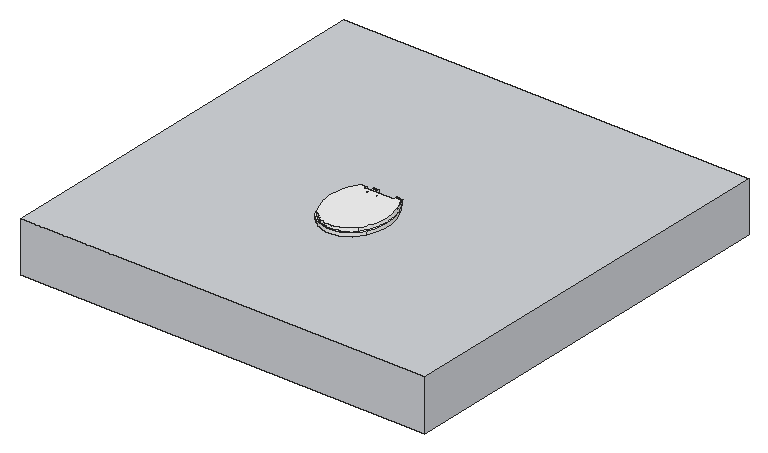
Revit family
Parameters (values of type "Plastic-White-0")
  Width = 1' - 2 3/16"
  URL = "http://www.us.kohler.com"
  Product Page URL = "http://www.us.kohler.com/onlinecatalog/detail.jsp?prod_num=4775"
  Product Documentation Link = "http://www.us.kohler.com/onlinecatalog/pdf/1133011_4.pdf"
  Model = "K-4775"  # constant formula
  Manufacturer = "Kohler"  # constant formula
  Length = 1' - 4 1/2"
  Height = 0' - 1 27/32"
  Finish = Plastic-Kohler-0-White
  Description = "Brevia(tm) Round Toilet Seat with Q2 Advantage(tm)"  # constant formula
  Default Elevation = 0' - 0"
  Created By = "http://medialab3dstudio.com/"
  Assembly Code = "C1030200"
  ADA Compliant = no
Reference planes (in)
  plane 1 "Pivot Center": y = 0
  plane 2 "Bottom": z = 0
  plane 3 "Center (Left/Right)": x = 0
  plane 4 "Left": x = -7.09375
  plane 5 "Right": x = 7.09375
  plane 6 "Front": y = -16.5
  plane 7 "Top": z = 1.84375
  plane 8: z = 0.95237
  plane 9: z = 0.75688
  plane 10: z = 1.45127
  plane 11: z = 1.94195
  plane 12: y = -3.12931
  plane 13 "Back": y = 1.08495
  plane 14: y = -0.57214
  plane 15: x = -7.26472
  plane 16: y = -3.80313
  plane 17: x = -6.24179
  plane 18: x = -4.70871
  plane 19: x = -4.33174
  plane 20: y = -0.7054
  plane 21: x = -3.42708
  plane 22: y = -1.52498
  plane 23: y = -0.8087
  plane 24: x = 7.26472
  plane 25: x = 6.24179
  plane 26: x = 4.70871
  plane 27: x = 4.33174
  plane 28: x = 3.42708
  plane 29: y = 0.90205
  plane 30: z = 0.38716
  plane 31: y = 1.02392
  plane 32: z = 0.57112
  plane 33: y = 1.06639
  plane 34: y = 0.80927
  plane 35: z = 0.60129
  plane 36: y = -0.10557
  plane 37: z = 0.61726
  plane 38: z = 0.66991
  plane 39: y = -0.48018
  plane 40: y = -0.74537
  plane 41: z = 0.79356
  plane 42: y = -0.88092
  plane 43: z = 0.78646
  plane 44: y = -1.18866
  plane 45: z = 0.70973
  plane 46: x = -3.42685
  plane 47: x = -2.118
  plane 48: x = 2.07618
  plane 49: x = 3.42897
  plane 50: y = -1.10177
  plane 51: z = 0.91266
  plane 52: y = -1.08882
  plane 53: y = -1.46035
  plane 54: y = -0.90034
  plane 55: y = -0.93753
  plane 56: x = -4.6391
  plane 57: y = -1.21492
  plane 58: x = -4.97959
  plane 59: y = -13.83988
  plane 60: x = 4.6391
  plane 61: x = 4.97959
Forms (in)
  Extrusion 1, solid
    sketch origin (0, 0, 0) x (1, 0, 0) y (0, 1, 0)
      loop
        line (-48, 48) -> (-48, -48) -> (48, -48) -> (48, 48) -> (-48, 48)
    from 0 to -12
  Blend 2, solid, material "Plastic-Kohler-0-White" <- "Finish"
    base sketch origin (0, 0, 0) x (1, 0, 0) y (0, 1, 0)
      loop
        arc (-3.42685, -0.90034) -> (-4.03437, -0.87355) -> (-4.6391, -0.93753) r 4.07176
        line (-4.6391, -0.93753) -> (-4.97959, -1.21492)
        arc (-4.97959, -1.21492) -> (-6.91514, -7.5274) -> (-4.97959, -13.83988) r 11.26133
        arc (-4.97959, -13.83988) -> (0.00967, -16.2417) -> (4.99162, -13.82476) r 6.36291
        arc (4.99162, -13.82476) -> (6.91714, -7.52075) -> (4.9845, -1.21892) r 11.26133
        line (4.9845, -1.21892) -> (4.6391, -0.93753)
        arc (4.6391, -0.93753) -> (4.03543, -0.87358) -> (3.42897, -0.90008) r 4.07176
        line (3.42897, -0.90008) -> (3.42897, -1.46035) -> (-3.42685, -1.46035) -> (-3.42685, -0.90034)
    top sketch origin (0, 0, 0) x (1, 0, 0) y (0, 1, 0)
      loop
        arc (-3.46502, -0.99141) -> (-4.01251, -0.97726) -> (-4.55677, -1.0382) r 3.9912
        line (-4.55677, -1.0382) -> (-4.89053, -1.3101)
        arc (-4.89053, -1.3101) -> (-6.78778, -7.49769) -> (-4.89053, -13.68527) r 11.03852
        arc (-4.89053, -13.68527) -> (0.00001, -16.03957) -> (4.88339, -13.67045) r 6.23702
        arc (4.88339, -13.67045) -> (6.77082, -7.49117) -> (4.87641, -1.31402) r 11.03852
        line (4.87641, -1.31402) -> (4.53785, -1.0382)
        arc (4.53785, -1.0382) -> (4.00206, -0.97763) -> (3.46299, -0.98984) r 3.9912
        line (3.46299, -0.98984) -> (3.46299, -1.55068) -> (-3.46502, -1.55068) -> (-3.46502, -0.99141)
    from 0.95237 to 1.84375
  Extrusion 3, void
    sketch origin (0, 0, 0) x (0, 1, 0) y (0, 0, 1)
      loop
        line (0, 1.84375) -> (0, 1.94195) -> (-16.5, 1.94195) -> (-16.5, 1.49616) -> (0, 1.84375)
    from -7.09375 to 7.09375
  Extrusion 4, solid, material "Plastic-Kohler-0-White" <- "Finish"
    sketch origin (0, 0, 0) x (1, 0, 0) y (0, 1, 0)
      loop
        line (5.99334, -3.12931) -> (-5.99334, -3.12931)
        arc (-5.99334, -3.12931) -> (-7.09473, -7.9371) -> (-5.99334, -12.74488) r 11.04414
        arc (-5.99334, -12.74488) -> (0.02314, -16.50241) -> (6.01339, -12.7032) r 6.65852
        arc (6.01339, -12.7032) -> (7.09471, -7.91397) -> (5.99334, -3.12931) r 11.04414
    from 0 to 0.75688
  Extrusion 5, solid, material "Plastic-Kohler-0-White" <- "Finish"
    sketch origin (0, 0, 0) x (0, 1, 0) y (0, 0, 1)
      loop
        arc (-3.12931, 0) -> (-1.90992, 0.16053) -> (-0.76113, 0.59982) r 5.26053
        arc (-0.76113, 0.59982) -> (-0.77843, 0.90812) -> (-0.83848, 1.21102) r 2.21366
        arc (-0.83848, 1.21102) -> (-0.90732, 1.27901) -> (-1.00063, 1.30464) r 0.19141
        arc (-1.00063, 1.30464) -> (-1.11085, 1.30591) -> (-1.21917, 1.28552) r 0.55893
        arc (-1.21917, 1.28552) -> (-1.64538, 1.16483) -> (-2.05554, 0.99753) r 3.98137
        arc (-2.05554, 0.99753) -> (-2.57898, 0.81724) -> (-3.12931, 0.75688) r 2.49387
        line (-3.12931, 0.75688) -> (-3.12931, 0)
    from -7.09375 to 7.09375
  Extrusion 6, void
    sketch origin (0, 0, 0) x (1, 0, 0) y (0, 1, 0)
      loop
        arc (-6.24179, -3.80313) -> (-5.58957, -2.24746) -> (-4.70898, -0.8087) r 11.09088
        arc (-4.70898, -0.8087) -> (-4.52731, -0.73169) -> (-4.33174, -0.7054) r 0.74043
        line (-4.33174, -0.7054) -> (-3.42708, -0.7054) -> (-3.42708, -1.52498)
        arc (-3.42708, -1.52498) -> (0.00094, -1.55068) -> (3.42897, -1.52495) r 228.5301
        line (3.42897, -1.52495) -> (3.42897, -0.7054) -> (4.33174, -0.7054)
        arc (4.33174, -0.7054) -> (4.52731, -0.73169) -> (4.70898, -0.8087) r 0.74043
        arc (4.70898, -0.8087) -> (5.58957, -2.24746) -> (6.24179, -3.80313) r 11.09088
        line (6.24179, -3.80313) -> (7.26472, -3.80313) -> (7.26472, -0.57214) -> (-7.26472, -0.57214) -> (-7.26472, -3.80313) -> (-6.24179, -3.80313)
    from 0 to 1.94195
  Extrusion 7, solid, material "Plastic-Kohler-0-White" <- "Finish"
    sketch origin (0, 0, 0) x (0, 1, 0) y (0, 0, 1)
      loop
        line (-1.18866, 0) -> (0.90205, 0)
        arc (0.90205, 0) -> (0.93061, 0.21634) -> (1.06639, 0.38716) r 0.40879
        arc (1.06639, 0.38716) -> (1.08141, 0.48751) -> (1.02392, 0.57112) r 0.13837
        line (1.02392, 0.57112) -> (0.80927, 0.60129) -> (-0.10557, 0.61726)
        arc (-0.10557, 0.61726) -> (-0.29448, 0.63213) -> (-0.48018, 0.66991) r 1.55204
        line (-0.48018, 0.66991) -> (-0.74537, 0.79356)
        arc (-0.74537, 0.79356) -> (-0.81343, 0.79542) -> (-0.88092, 0.78646) r 0.42827
        line (-0.88092, 0.78646) -> (-1.18866, 0.70973) -> (-1.18866, 0)
    from -3.42685 to -2.118
  Extrusion 8, solid, material "Plastic-Kohler-0-White" <- "Finish"
    sketch origin (0, 0, 0) x (0, 1, 0) y (0, 0, 1)
      loop
        line (-1.18866, 0) -> (0.90205, 0)
        arc (0.90205, 0) -> (0.93061, 0.21634) -> (1.06639, 0.38716) r 0.40879
        arc (1.06639, 0.38716) -> (1.08141, 0.48751) -> (1.02392, 0.57112) r 0.13837
        line (1.02392, 0.57112) -> (0.80927, 0.60129) -> (-0.10557, 0.61726)
        arc (-0.10557, 0.61726) -> (-0.29448, 0.63213) -> (-0.48018, 0.66991) r 1.55204
        line (-0.48018, 0.66991) -> (-0.74537, 0.79356)
        arc (-0.74537, 0.79356) -> (-0.81343, 0.79542) -> (-0.88092, 0.78646) r 0.42827
        line (-0.88092, 0.78646) -> (-1.18866, 0.70973) -> (-1.18866, 0)
    from 2.07618 to 3.42897
  Extrusion 9, solid, material "Plastic-Kohler-0-White" <- "Finish"
    sketch origin (0, 0, 0) x (0, 1, 0) y (0, 0, 1)
      loop
        arc (-0.91311, 0.91266) -> (-0.96837, 1.04607) -> (-1.10177, 1.10133) r 0.18866
        arc (-1.10177, 1.10133) -> (-1.23518, 1.04607) -> (-1.29044, 0.91266) r 0.18866
        arc (-1.29044, 0.91266) -> (-1.23518, 0.77926) -> (-1.10177, 0.724) r 0.18866
        arc (-1.10177, 0.724) -> (-0.96837, 0.77926) -> (-0.91311, 0.91266) r 0.18866
    from -3.42685 to 3.42897
Cuts and joins
  Extrusion 3 cuts Blend 2
  Extrusion 6 cuts Extrusion 5
  joined: Blend 2, Extrusion 4, Extrusion 5, Extrusion 9
Lines and regions (in)
  Masking region 1, detail levels coarse
    outline origin (0, 0, 0) x (1, 0, 0) y (0, 0, 1)
      loop
        line (-7.09375, 1.84375) -> (-7.09375, 0) -> (7.09375, 0) -> (7.09375, 1.84375) -> (-7.09375, 1.84375)
  Masking region 2, detail levels medium+fine
    outline origin (0, 0, 0) x (1, 0, 0) y (0, 0, 1)
      loop
        line (-7.09725, 0) -> (7.09375, 0) -> (7.09375, 0.75688) -> (5.99334, 0.75688)
        spline (5.99334, 0.75688) -> (5.95799, 0.75827) -> (5.9221, 0.7624) -> (5.88572, 0.76927) -> (5.84887, 0.77887) -> (5.81159, 0.79119) -> (5.77391, 0.80622) -> (5.73587, 0.82395) -> (5.69751, 0.84436) -> (5.65885, 0.86743) -> (5.61995, 0.89314) -> (5.58083, 0.92146) -> (5.54154, 0.95237)
        line (5.54154, 0.95237) -> (6.969, 0.95237) -> (6.78991, 1.67443)
        spline (6.78991, 1.67443) -> (6.77463, 1.68674) -> (6.72883, 1.69901) -> (6.65262, 1.71123) -> (6.54621, 1.72335) -> (6.40986, 1.73534) -> (6.24392, 1.74718) -> (6.04881, 1.75884) -> (5.82502, 1.77028) -> (5.57314, 1.78148) -> (5.2938, 1.7924) -> (4.9877, 1.80302) -> (4.65564, 1.81332)
        line (4.65564, 1.81332) -> (3.98786, 1.81693) -> (-3.98786, 1.81693) -> (-4.65564, 1.81332)
        spline (-4.65564, 1.81332) -> (-4.97852, 1.80332) -> (-5.27691, 1.79302) -> (-5.55012, 1.78243) -> (-5.79748, 1.77158) -> (-6.01839, 1.7605) -> (-6.21233, 1.74921) -> (-6.37883, 1.73774) -> (-6.51749, 1.72612) -> (-6.62798, 1.71437) -> (-6.71003, 1.70253) -> (-6.76344, 1.69062) -> (-6.78809, 1.67867)
      loop
        line (-6.79111, 1.67943) -> (-6.969, 0.95237) -> (-5.5433, 0.95237)
        spline (-5.5433, 0.95237) -> (-5.58335, 0.92174) -> (-5.62306, 0.89364) -> (-5.66238, 0.86811) -> (-5.7013, 0.84517) -> (-5.73976, 0.82484) -> (-5.77773, 0.80713) -> (-5.81518, 0.79208) -> (-5.85207, 0.77968) -> (-5.88836, 0.76995) -> (-5.92403, 0.76291) -> (-5.95903, 0.75855) -> (-5.99334, 0.75688)
        line (-5.99334, 0.75688) -> (-7.09375, 0.75688) -> (-7.09375, 0)
  Masking region 3, detail levels coarse
    outline origin (0, 0, 0) x (0, 1, 0) y (0, 0, 1)
      loop
        line (1.08495, 1.84375) -> (-16.5, 1.84375) -> (-16.5, 0) -> (1.08495, 0) -> (1.08495, 1.84375)
  Masking region 4, detail levels medium+fine
    outline origin (0, 0, 0) x (0, 1, 0) y (0, 0, 1)
      loop
        line (-16.12565, 1.45901) -> (-16.29234, 0.95237) -> (-2.15647, 0.95237)
        arc (-2.15647, 0.95237) -> (-2.63307, 0.80575) -> (-3.12931, 0.75688) r 2.49387
        line (-3.12931, 0.75688) -> (-16.5, 0.75688) -> (-16.5, 0) -> (-3.12931, 0)
        arc (-3.12931, 0) -> (-2.13999, 0.10772) -> (-1.18866, 0.39984) r 5.26053
        line (-1.18866, 0.39984) -> (-1.18866, 0) -> (0.90205, 0)
        arc (0.90205, 0) -> (0.93061, 0.21634) -> (1.06639, 0.38716) r 0.40879
        arc (1.06639, 0.38716) -> (1.08141, 0.48751) -> (1.02392, 0.57112) r 0.13837
        line (1.02392, 0.57112) -> (0.80927, 0.60129) -> (-0.10557, 0.61726)
        arc (-0.10557, 0.61726) -> (-0.29448, 0.63213) -> (-0.48018, 0.66991) r 1.55204
        line (-0.48018, 0.66991) -> (-0.76775, 0.804)
        arc (-0.76775, 0.804) -> (-0.7936, 1.00916) -> (-0.83848, 1.21102) r 2.21366
        arc (-0.83848, 1.21102) -> (-0.90732, 1.27901) -> (-1.00063, 1.30464) r 0.19141
        arc (-1.00063, 1.30464) -> (-1.07752, 1.30782) -> (-1.15412, 1.30041) r 0.55893
        line (-1.15412, 1.30041) -> (-1.31872, 1.81693) -> (-16.12565, 1.45901)
  Masking region 5, detail levels coarse
    outline origin (0, 0, 0) x (1, 0, 0) y (0, 1, 0)
      loop
        line (-7.09375, 1.08495) -> (-7.09375, -16.5) -> (7.09375, -16.5) -> (7.09375, 1.08495) -> (-7.09375, 1.08495)
  Masking region 6, detail levels medium+fine
    outline origin (0, 0, 0) x (1, 0, 0) y (0, 1, 0)
      loop
        line (-2.118, -0.91172) -> (-2.118, 1.08495) -> (-3.42685, 1.08495) -> (-3.42685, -0.76113) -> (-4.61357, -0.76113)
        arc (-4.61357, -0.76113) -> (-4.66213, -0.78319) -> (-4.70898, -0.8087) r 0.74043
        arc (-4.70898, -0.8087) -> (-5.42078, -1.93047) -> (-5.99334, -3.12931) r 11.09088
        arc (-5.99334, -3.12931) -> (-7.09473, -7.9371) -> (-5.99334, -12.74488) r 11.04414
        arc (-5.99334, -12.74488) -> (0.02314, -16.50241) -> (6.01339, -12.7032) r 6.65852
        arc (6.01339, -12.7032) -> (7.09471, -7.91397) -> (5.99334, -3.12931) r 11.04414
        arc (5.99334, -3.12931) -> (5.42078, -1.93047) -> (4.70898, -0.8087) r 11.09088
        arc (4.70898, -0.8087) -> (4.66213, -0.78319) -> (4.61357, -0.76113) r 0.74043
        line (4.61357, -0.76113) -> (3.42897, -0.76113) -> (3.42897, 1.08495) -> (2.07618, 1.08495) -> (2.07618, -0.91172) -> (-2.118, -0.91172)
  symbolic lines, style "Masking Lines", detail levels fine
    curve 1: line (-6.969, -16.5, 0.95237) -> (6.969, -16.5, 0.95237)
    curve 2: line (7.10753, -16.5, 0.75688) -> (-7.09375, -16.5, 0.75688)
    curve 3: spline (-5.0348, -16.5, 1.53382) -> (-5.3092, -16.5, 1.54345) -> (-5.5617, -16.5, 1.55333) -> (-5.79176, -16.5, 1.56343) -> (-5.99891, -16.5, 1.57374) -> (-6.18272, -16.5, 1.58423) -> (-6.3428, -16.5, 1.59488) -> (-6.47882, -16.5, 1.60566) -> (-6.5905, -16.5, 1.61656) -> (-6.6776, -16.5, 1.62756) -> (-6.73995, -16.5, 1.63862) -> (-6.77741, -16.5, 1.64973) -> (-6.78991, -16.5, 1.66086)
    curve 4: spline (-2.30032, -16.5, 1.47161) -> (-2.56877, -16.5, 1.47598) -> (-2.83059, -16.5, 1.48051) -> (-3.08555, -16.5, 1.4852) -> (-3.3334, -16.5, 1.49004) -> (-3.57392, -16.5, 1.49504) -> (-3.8069, -16.5, 1.50018) -> (-4.03212, -16.5, 1.50546) -> (-4.24936, -16.5, 1.51088) -> (-4.45844, -16.5, 1.51643) -> (-4.65917, -16.5, 1.52211) -> (-4.85134, -16.5, 1.5279) -> (-5.0348, -16.5, 1.53382)
    curve 5: spline (2.30894, -16.5, 1.47171) -> (1.95402, -16.5, 1.46783) -> (1.58341, -16.5, 1.4646) -> (1.2001, -16.5, 1.46206) -> (0.80715, -16.5, 1.46023) -> (0.40772, -16.5, 1.45913) -> (0.00502, -16.5, 1.45875) -> (-0.39772, -16.5, 1.45911) -> (-0.79727, -16.5, 1.4602) -> (-1.19042, -16.5, 1.46201) -> (-1.57402, -16.5, 1.46453) -> (-1.94498, -16.5, 1.46774) -> (-2.30032, -16.5, 1.47161)
    curve 6: spline (5.03298, -16.5, 1.53373) -> (4.85009, -16.5, 1.52784) -> (4.65854, -16.5, 1.52206) -> (4.45851, -16.5, 1.5164) -> (4.25017, -16.5, 1.51087) -> (4.03373, -16.5, 1.50547) -> (3.80937, -16.5, 1.50021) -> (3.5773, -16.5, 1.49508) -> (3.33774, -16.5, 1.4901) -> (3.09089, -16.5, 1.48527) -> (2.83699, -16.5, 1.48059) -> (2.57626, -16.5, 1.47607) -> (2.30894, -16.5, 1.47171)
    curve 7: spline (6.78991, -16.5, 1.66084) -> (6.7774, -16.5, 1.6497) -> (6.7399, -16.5, 1.63858) -> (6.67749, -16.5, 1.62752) -> (6.59029, -16.5, 1.61652) -> (6.47849, -16.5, 1.60561) -> (6.34233, -16.5, 1.59482) -> (6.18208, -16.5, 1.58417) -> (5.99808, -16.5, 1.57367) -> (5.79071, -16.5, 1.56336) -> (5.56041, -16.5, 1.55325) -> (5.30766, -16.5, 1.54337) -> (5.03298, -16.5, 1.53373)
    curve 8: arc (0, -1.18866, 0.39984) -> (0, -0.97265, 0.49503) -> (0, -0.76113, 0.59982) r 5.26053
    curve 9: arc (0, -1.15385, 1.29957) -> (0, -1.66228, 1.15896) -> (0, -2.14767, 0.95237) r 3.98137
    curve 10: spline (5.54154, 1.08495, 0.95237) -> (5.53716, 1.08495, 0.95596) -> (5.53279, 1.08495, 0.95958) -> (5.52841, 1.08495, 0.96324) -> (5.52403, 1.08495, 0.96692) -> (5.51965, 1.08495, 0.97064) -> (5.51527, 1.08495, 0.97439) -> (5.51089, 1.08495, 0.97817) -> (5.5065, 1.08495, 0.98198) -> (5.50212, 1.08495, 0.98582) -> (5.49773, 1.08495, 0.98969) -> (5.49334, 1.08495, 0.9936) -> (5.48895, 1.08495, 0.99753)
    curve 11: spline (5.48895, 1.08495, 0.99753) -> (5.45144, 1.08495, 1.02938) -> (5.41317, 1.08495, 1.05982) -> (5.37414, 1.08495, 1.08887) -> (5.33438, 1.08495, 1.1165) -> (5.2939, 1.08495, 1.1427) -> (5.25271, 1.08495, 1.16747) -> (5.21083, 1.08495, 1.1908) -> (5.16826, 1.08495, 1.21267) -> (5.12504, 1.08495, 1.23309) -> (5.08117, 1.08495, 1.25204) -> (5.03666, 1.08495, 1.26952) -> (4.99154, 1.08495, 1.28552)
    curve 12: spline (4.99154, 1.08495, 1.28552) -> (4.9796, 1.08495, 1.29043) -> (4.96757, 1.08495, 1.29474) -> (4.95547, 1.08495, 1.29846) -> (4.94329, 1.08495, 1.30157) -> (4.93105, 1.08495, 1.30408) -> (4.91876, 1.08495, 1.30598) -> (4.90643, 1.08495, 1.30728) -> (4.89407, 1.08495, 1.30797) -> (4.88169, 1.08495, 1.30805) -> (4.86929, 1.08495, 1.30752) -> (4.85688, 1.08495, 1.30638) -> (4.84449, 1.08495, 1.30464)
    curve 13: spline (4.84449, 1.08495, 1.30464) -> (4.83307, 1.08495, 1.30411) -> (4.82179, 1.08495, 1.30216) -> (4.81073, 1.08495, 1.29881) -> (4.79995, 1.08495, 1.29407) -> (4.7895, 1.08495, 1.28797) -> (4.77944, 1.08495, 1.28054) -> (4.76984, 1.08495, 1.27184) -> (4.76074, 1.08495, 1.26189) -> (4.7522, 1.08495, 1.25078) -> (4.74427, 1.08495, 1.23854) -> (4.73699, 1.08495, 1.22527) -> (4.7304, 1.08495, 1.21102)
    curve 14: spline (4.7304, 1.08495, 1.21102) -> (4.72843, 1.08495, 1.20084) -> (4.7265, 1.08495, 1.19063) -> (4.7246, 1.08495, 1.18041) -> (4.72273, 1.08495, 1.17017) -> (4.72089, 1.08495, 1.15992) -> (4.71909, 1.08495, 1.14964) -> (4.71732, 1.08495, 1.13935) -> (4.71558, 1.08495, 1.12904) -> (4.71388, 1.08495, 1.11872) -> (4.71221, 1.08495, 1.10837) -> (4.71058, 1.08495, 1.09802) -> (4.70898, 1.08495, 1.08764)
    curve 15: line (4.70898, 1.08495, 1.08764) -> (4.70898, 1.08495, 0.57586)
    curve 16: spline (4.70898, 1.08495, 0.57586) -> (4.83233, 1.08495, 0.49027) -> (4.95325, 1.08495, 0.4112) -> (5.07157, 1.08495, 0.33878) -> (5.18712, 1.08495, 0.2731) -> (5.29975, 1.08495, 0.21424) -> (5.4093, 1.08495, 0.1623) -> (5.51563, 1.08495, 0.11734) -> (5.61857, 1.08495, 0.07942) -> (5.718, 1.08495, 0.0486) -> (5.81378, 1.08495, 0.02492) -> (5.90577, 1.08495, 0.00841) -> (5.99384, 1.08495, -0.0009)
    curve 17: spline (4.61357, 1.08495, 0.59982) -> (4.62182, 1.08495, 0.59801) -> (4.63002, 1.08495, 0.59616) -> (4.63816, 1.08495, 0.59426) -> (4.64626, 1.08495, 0.59231) -> (4.6543, 1.08495, 0.59033) -> (4.66229, 1.08495, 0.5883) -> (4.67022, 1.08495, 0.58622) -> (4.67809, 1.08495, 0.58411) -> (4.68591, 1.08495, 0.58195) -> (4.69366, 1.08495, 0.57974) -> (4.70135, 1.08495, 0.5775) -> (4.70898, 1.08495, 0.57521)
    curve 18: line (4.61357, 1.08495, 0.59982) -> (3.42897, 1.08495, 0.59982)
    curve 19: line (3.42897, 1.08495, 0) -> (3.42897, 1.08495, 0.79356)
    curve 20: line (3.42897, 1.08495, 0.27383) -> (3.42897, 1.08495, 1.30464)
    curve 21: line (3.42897, 1.08495, 1.30464) -> (4.84449, 1.08495, 1.30464)
    curve 22: line (-3.42708, 1.08495, 1.10088) -> (3.42897, 1.08495, 1.10088)
    curve 23: line (2.07618, 1.08495, 0.79356) -> (3.42897, 1.08495, 0.79356)
    curve 24: line (2.07618, 1.08495, 0.79356) -> (2.07618, 1.08495, 0)
    curve 25: line (2.07618, 1.08495, 0.38716) -> (3.42897, 1.08495, 0.38716)
    curve 26: line (2.07618, 1.08495, 0.57112) -> (3.42897, 1.08495, 0.57112)
    curve 27: line (2.07618, 1.08495, 0.60129) -> (3.42897, 1.08495, 0.60129)
    curve 28: line (2.07618, 1.08495, 0.66991) -> (3.42897, 1.08495, 0.66991)
    curve 29: spline (-2.118, 1.08495, 0.26848) -> (-1.76849, 1.08495, 0.26748) -> (-1.41898, 1.08495, 0.26666) -> (-1.06947, 1.08495, 0.26602) -> (-0.71995, 1.08495, 0.26557) -> (-0.37043, 1.08495, 0.26529) -> (-0.02091, 1.08495, 0.26518) -> (0.32861, 1.08495, 0.26526) -> (0.67813, 1.08495, 0.26552) -> (1.02764, 1.08495, 0.26596) -> (1.37716, 1.08495, 0.26658) -> (1.72667, 1.08495, 0.26738) -> (2.07618, 1.08495, 0.26835)
    curve 30: line (2.07618, 1.08495, 0.75688) -> (-3.42708, 1.08495, 0.75688)
    curve 31: line (-3.42708, 1.08495, 0.38716) -> (-2.118, 1.08495, 0.38716)
    curve 32: line (-3.42708, 1.08495, 0.57112) -> (-2.118, 1.08495, 0.57112)
    curve 33: line (-3.42708, 1.08495, 0.60129) -> (-2.118, 1.08495, 0.60129)
    curve 34: line (-3.42708, 1.08495, 0.66991) -> (-2.118, 1.08495, 0.66991)
    curve 35: line (-3.42708, 1.08495, 0.79356) -> (-2.118, 1.08495, 0.79356)
    curve 36: line (-2.118, 1.08495, 0) -> (-2.118, 1.08495, 0.79356)
    curve 37: line (-3.42708, 1.08495, 1.30464) -> (-3.42708, 1.08495, 0)
    curve 38: line (-4.84449, 1.08495, 1.30464) -> (-3.42708, 1.08495, 1.30464)
    curve 39: line (-3.42708, 1.08495, 0.59982) -> (-4.61357, 1.08495, 0.59982)
    curve 40: spline (-4.71059, 1.08495, 0.57473) -> (-4.70284, 1.08495, 0.57706) -> (-4.69502, 1.08495, 0.57934) -> (-4.68714, 1.08495, 0.58159) -> (-4.6792, 1.08495, 0.58379) -> (-4.6712, 1.08495, 0.58595) -> (-4.66313, 1.08495, 0.58806) -> (-4.65501, 1.08495, 0.59013) -> (-4.64683, 1.08495, 0.59216) -> (-4.63859, 1.08495, 0.59414) -> (-4.6303, 1.08495, 0.59608) -> (-4.62196, 1.08495, 0.59797) -> (-4.61357, 1.08495, 0.59982)
    curve 41: spline (-5.99382, 1.08495, -0.00092) -> (-5.90471, 1.08495, 0.00767) -> (-5.81191, 1.08495, 0.02356) -> (-5.71553, 1.08495, 0.04674) -> (-5.61571, 1.08495, 0.07717) -> (-5.51258, 1.08495, 0.11482) -> (-5.40629, 1.08495, 0.15963) -> (-5.29698, 1.08495, 0.21153) -> (-5.18481, 1.08495, 0.27047) -> (-5.06992, 1.08495, 0.33635) -> (-4.95248, 1.08495, 0.40909) -> (-4.83265, 1.08495, 0.48858) -> (-4.71059, 1.08495, 0.57473)
    curve 42: spline (-4.84449, 1.08495, 1.30464) -> (-4.85709, 1.08495, 1.30636) -> (-4.86967, 1.08495, 1.30749) -> (-4.8822, 1.08495, 1.308) -> (-4.89468, 1.08495, 1.30792) -> (-4.9071, 1.08495, 1.30722) -> (-4.91944, 1.08495, 1.30592) -> (-4.93171, 1.08495, 1.30402) -> (-4.94389, 1.08495, 1.30152) -> (-4.95598, 1.08495, 1.29841) -> (-4.96795, 1.08495, 1.29471) -> (-4.97981, 1.08495, 1.29041) -> (-4.99154, 1.08495, 1.28552)
    curve 43: spline (-4.99154, 1.08495, 1.28552) -> (-5.03702, 1.08495, 1.26935) -> (-5.08182, 1.08495, 1.25173) -> (-5.12592, 1.08495, 1.23267) -> (-5.16931, 1.08495, 1.21217) -> (-5.21197, 1.08495, 1.19025) -> (-5.25389, 1.08495, 1.16691) -> (-5.29505, 1.08495, 1.14215) -> (-5.33543, 1.08495, 1.116) -> (-5.37503, 1.08495, 1.08845) -> (-5.41382, 1.08495, 1.05951) -> (-5.4518, 1.08495, 1.0292) -> (-5.48895, 1.08495, 0.99753)
    curve 44: spline (-5.48895, 1.08495, 0.99753) -> (-5.4935, 1.08495, 0.9936) -> (-5.49804, 1.08495, 0.98969) -> (-5.50259, 1.08495, 0.98582) -> (-5.50712, 1.08495, 0.98198) -> (-5.51166, 1.08495, 0.97817) -> (-5.51619, 1.08495, 0.97439) -> (-5.52072, 1.08495, 0.97064) -> (-5.52524, 1.08495, 0.96692) -> (-5.52976, 1.08495, 0.96324) -> (-5.53428, 1.08495, 0.95958) -> (-5.53879, 1.08495, 0.95596) -> (-5.5433, 1.08495, 0.95237)
    curve 45: arc (0, -0.76113, 0.59982) -> (0, -0.76208, 0.70199) -> (0, -0.76775, 0.804) r 2.21366
    curve 46: spline (-4.89541, -1.30889, 0) -> (-5.46692, -2.2477, 0) -> (-5.94271, -3.23842, 0) -> (-6.31813, -4.27135, 0) -> (-6.5895, -5.33635, 0) -> (-6.75414, -6.42296, 0) -> (-6.81044, -7.52053, 0) -> (-6.75785, -8.61828, 0) -> (-6.59689, -9.70545, 0) -> (-6.32914, -10.77135, 0) -> (-5.95721, -11.80555, 0) -> (-5.48477, -12.79788, 0) -> (-4.91645, -13.73861, 0)
    curve 47: line (-4.55879, -1.03573, 0) -> (-4.89541, -1.30889, 0)
    curve 48: spline (-3.46413, -0.98928, 0) -> (-3.5554, -0.98164, 0) -> (-3.64682, -0.9761, 0) -> (-3.73835, -0.97265, 0) -> (-3.82993, -0.9713, 0) -> (-3.92151, -0.97204, 0) -> (-4.01306, -0.97487, 0) -> (-4.10451, -0.97981, 0) -> (-4.19583, -0.98683, 0) -> (-4.28697, -0.99594, 0) -> (-4.37787, -1.00713, 0) -> (-4.46849, -1.0204, 0) -> (-4.55879, -1.03573, 0)
    curve 49: line (-3.46363, -1.54737, 0) -> (-3.46413, -0.98928, 0)
    curve 50: line (3.46174, -1.54737, 0) -> (-3.46363, -1.54737, 0)
    curve 51: line (3.46219, -0.98775, 0) -> (3.46174, -1.54737, 0)
    curve 52: spline (4.54033, -1.03573, 0) -> (4.4514, -1.02061, 0) -> (4.36215, -1.0075, 0) -> (4.27263, -0.9964, 0) -> (4.18288, -0.98732, 0) -> (4.09295, -0.98027, 0) -> (4.00289, -0.97524, 0) -> (3.91273, -0.97224, 0) -> (3.82253, -0.97128, 0) -> (3.73233, -0.97235, 0) -> (3.64218, -0.97545, 0) -> (3.55212, -0.98059, 0) -> (3.46219, -0.98775, 0)
    curve 53: line (4.88149, -1.31247, 0) -> (4.54033, -1.03573, 0)
    curve 54: spline (4.91474, -13.72507, 0) -> (5.48044, -12.78476, 0) -> (5.95047, -11.79319, 0) -> (6.32024, -10.76005, 0) -> (6.58611, -9.69544, 0) -> (6.7455, -8.60978, 0) -> (6.79684, -7.51369, 0) -> (6.73963, -6.41789, 0) -> (6.57443, -5.33309, 0) -> (6.30285, -4.26993, 0) -> (5.92756, -3.23878, 0) -> (5.45222, -2.24973, 0) -> (4.88149, -1.31247, 0)
    curve 55: spline (-4.91645, -13.73861, 0) -> (-4.27888, -14.43115, 0) -> (-3.54461, -15.02023, 0) -> (-2.73026, -15.49251, 0) -> (-1.85427, -15.83732, 0) -> (-0.93645, -16.04685, 0) -> (0.00243, -16.11636, 0) -> (0.94111, -16.04427, 0) -> (1.85835, -15.83221, 0) -> (2.73339, -15.48499, 0) -> (3.54643, -15.01046, 0) -> (4.27908, -14.41936, 0) -> (4.91474, -13.72507, 0)
    curve 56: arc (4.99162, -13.82476, 0) -> (0.00967, -16.2417, 0) -> (-4.97959, -13.83988, 0) r 6.36291
    curve 57: arc (-4.97959, -13.83988, 0) -> (-6.91186, -7.79917, 0) -> (-5.27331, -1.67225, 0) r 11.26133
    curve 58: arc (-4.97959, -13.83988, 0) -> (-6.91186, -7.79917, 0) -> (-5.27331, -1.67225, 0) r 11.26133
    curve 59: spline (-5.4879, -2.05359, 0) -> (-5.44566, -1.98734, 0) -> (-5.40285, -1.92088, 0) -> (-5.35948, -1.85421, 0) -> (-5.31556, -1.78738, 0) -> (-5.27112, -1.72038, 0) -> (-5.22615, -1.65325, 0) -> (-5.18068, -1.586, 0) -> (-5.13471, -1.51864, 0) -> (-5.08827, -1.45121, 0) -> (-5.04136, -1.38371, 0) -> (-4.99399, -1.31617, 0) -> (-4.94618, -1.2486, 0)
    curve 60: spline (-4.94618, -1.2486, 0) -> (-4.91786, -1.22689, 0) -> (-4.88949, -1.20496, 0) -> (-4.86108, -1.18283, 0) -> (-4.83266, -1.16051, 0) -> (-4.80424, -1.13803, 0) -> (-4.77585, -1.11539, 0) -> (-4.74749, -1.09261, 0) -> (-4.7192, -1.0697, 0) -> (-4.69099, -1.04668, 0) -> (-4.66288, -1.02357, 0) -> (-4.63488, -1.00038, 0) -> (-4.60703, -0.97713, 0)
    curve 61: line (-4.60703, -0.97713, 0) -> (-3.44145, -0.93506, 0)
    curve 62: spline (-3.44145, -0.93506, 0) -> (-3.44188, -0.99027, 0) -> (-3.44207, -1.04622, 0) -> (-3.44202, -1.10232, 0) -> (-3.44173, -1.15802, 0) -> (-3.4412, -1.21275, 0) -> (-3.44043, -1.26595, 0) -> (-3.43945, -1.3171, 0) -> (-3.43824, -1.36568, 0) -> (-3.43684, -1.41119, 0) -> (-3.43525, -1.45318, 0) -> (-3.43348, -1.49121, 0) -> (-3.43156, -1.52492, 0)
    curve 63: arc (-3.43156, -1.52492, 0) -> (0.00518, -1.54737, 0) -> (3.44193, -1.52478, 0) r 262.2325
    curve 64: arc (5.20717, -1.56144, 0) -> (6.9154, -7.72502, 0) -> (4.99162, -13.82476, 0) r 11.26133
    curve 65: spline (4.94398, -1.25214, 0) -> (4.99157, -1.31826, 0) -> (5.03869, -1.38439, 0) -> (5.08534, -1.4505, 0) -> (5.1315, -1.5166, 0) -> (5.17717, -1.58265, 0) -> (5.22232, -1.64864, 0) -> (5.26695, -1.71456, 0) -> (5.31105, -1.78037, 0) -> (5.3546, -1.84608, 0) -> (5.39759, -1.91165, 0) -> (5.44001, -1.97707, 0) -> (5.48185, -2.04233, 0)
    curve 66: spline (4.59969, -0.97719, 0) -> (4.62792, -1.00081, 0) -> (4.65631, -1.02436, 0) -> (4.68483, -1.04781, 0) -> (4.71345, -1.07116, 0) -> (4.74216, -1.09438, 0) -> (4.77095, -1.11746, 0) -> (4.79978, -1.14039, 0) -> (4.82864, -1.16314, 0) -> (4.85751, -1.18571, 0) -> (4.88637, -1.20808, 0) -> (4.9152, -1.23023, 0) -> (4.94398, -1.25214, 0)
    curve 67: spline (3.44193, -0.93427, 0) -> (3.53832, -0.92445, 0) -> (3.63495, -0.91706, 0) -> (3.73176, -0.91211, 0) -> (3.82869, -0.9096, 0) -> (3.92565, -0.90953, 0) -> (4.02258, -0.9119, 0) -> (4.11941, -0.91671, 0) -> (4.21608, -0.92396, 0) -> (4.31251, -0.93364, 0) -> (4.40863, -0.94575, 0) -> (4.50438, -0.96027, 0) -> (4.59969, -0.97719, 0)
    curve 68: line (3.44193, -0.93427, 0) -> (3.44193, -1.52478, 0)
    curve 69: line (-3.42685, -1.18866, 0) -> (-2.118, -1.18866, 0)
    curve 70: line (2.07618, -1.18866, 0) -> (3.42897, -1.18866, 0)
    curve 71: line (2.07618, -0.91172, 0) -> (2.07618, -1.18866, 0)
    curve 72: line (-2.118, -1.18866, 0) -> (-2.118, -0.91172, 0)
  symbolic lines, style "Masking Lines", not visible, detail levels fine
    curve 73: spline (-4.89541, -1.30889, 0) -> (-5.46692, -2.2477, 0) -> (-5.94271, -3.23842, 0) -> (-6.31813, -4.27135, 0) -> (-6.5895, -5.33635, 0) -> (-6.75414, -6.42296, 0) -> (-6.81044, -7.52053, 0) -> (-6.75785, -8.61828, 0) -> (-6.59689, -9.70545, 0) -> (-6.32914, -10.77135, 0) -> (-5.95721, -11.80555, 0) -> (-5.48477, -12.79788, 0) -> (-4.91645, -13.73861, 0)
    curve 74: line (-4.55879, -1.03573, 0) -> (-4.89541, -1.30889, 0)
    curve 75: spline (-3.46413, -0.98928, 0) -> (-3.5554, -0.98164, 0) -> (-3.64682, -0.9761, 0) -> (-3.73835, -0.97265, 0) -> (-3.82993, -0.9713, 0) -> (-3.92151, -0.97204, 0) -> (-4.01306, -0.97487, 0) -> (-4.10451, -0.97981, 0) -> (-4.19583, -0.98683, 0) -> (-4.28697, -0.99594, 0) -> (-4.37787, -1.00713, 0) -> (-4.46849, -1.0204, 0) -> (-4.55879, -1.03573, 0)
    curve 76: line (-3.46363, -1.54737, 0) -> (-3.46413, -0.98928, 0)
    curve 77: line (3.46174, -1.54737, 0) -> (-3.46363, -1.54737, 0)
    curve 78: line (3.46219, -0.98775, 0) -> (3.46174, -1.54737, 0)
    curve 79: spline (4.54033, -1.03573, 0) -> (4.4514, -1.02061, 0) -> (4.36215, -1.0075, 0) -> (4.27263, -0.9964, 0) -> (4.18288, -0.98732, 0) -> (4.09295, -0.98027, 0) -> (4.00289, -0.97524, 0) -> (3.91273, -0.97224, 0) -> (3.82253, -0.97128, 0) -> (3.73233, -0.97235, 0) -> (3.64218, -0.97545, 0) -> (3.55212, -0.98059, 0) -> (3.46219, -0.98775, 0)
    curve 80: line (4.88149, -1.31247, 0) -> (4.54033, -1.03573, 0)
    curve 81: spline (4.91474, -13.72507, 0) -> (5.48044, -12.78476, 0) -> (5.95047, -11.79319, 0) -> (6.32024, -10.76005, 0) -> (6.58611, -9.69544, 0) -> (6.7455, -8.60978, 0) -> (6.79684, -7.51369, 0) -> (6.73963, -6.41789, 0) -> (6.57443, -5.33309, 0) -> (6.30285, -4.26993, 0) -> (5.92756, -3.23878, 0) -> (5.45222, -2.24973, 0) -> (4.88149, -1.31247, 0)
    curve 82: spline (-4.91645, -13.73861, 0) -> (-4.27888, -14.43115, 0) -> (-3.54461, -15.02023, 0) -> (-2.73026, -15.49251, 0) -> (-1.85427, -15.83732, 0) -> (-0.93645, -16.04685, 0) -> (0.00243, -16.11636, 0) -> (0.94111, -16.04427, 0) -> (1.85835, -15.83221, 0) -> (2.73339, -15.48499, 0) -> (3.54643, -15.01046, 0) -> (4.27908, -14.41936, 0) -> (4.91474, -13.72507, 0)
    curve 83: arc (4.99162, -13.82476, 0) -> (0.00967, -16.2417, 0) -> (-4.97959, -13.83988, 0) r 6.36291
    curve 84: arc (-4.97959, -13.83988, 0) -> (-6.91186, -7.79917, 0) -> (-5.27331, -1.67225, 0) r 11.26133
    curve 85: arc (-4.97959, -13.83988, 0) -> (-6.91186, -7.79917, 0) -> (-5.27331, -1.67225, 0) r 11.26133
    curve 86: spline (-5.4879, -2.05359, 0) -> (-5.44566, -1.98734, 0) -> (-5.40285, -1.92088, 0) -> (-5.35948, -1.85421, 0) -> (-5.31556, -1.78738, 0) -> (-5.27112, -1.72038, 0) -> (-5.22615, -1.65325, 0) -> (-5.18068, -1.586, 0) -> (-5.13471, -1.51864, 0) -> (-5.08827, -1.45121, 0) -> (-5.04136, -1.38371, 0) -> (-4.99399, -1.31617, 0) -> (-4.94618, -1.2486, 0)
    curve 87: spline (-4.94618, -1.2486, 0) -> (-4.91786, -1.22689, 0) -> (-4.88949, -1.20496, 0) -> (-4.86108, -1.18283, 0) -> (-4.83266, -1.16051, 0) -> (-4.80424, -1.13803, 0) -> (-4.77585, -1.11539, 0) -> (-4.74749, -1.09261, 0) -> (-4.7192, -1.0697, 0) -> (-4.69099, -1.04668, 0) -> (-4.66288, -1.02357, 0) -> (-4.63488, -1.00038, 0) -> (-4.60703, -0.97713, 0)
    curve 88: line (-4.60703, -0.97713, 0) -> (-3.44145, -0.93506, 0)
    curve 89: spline (-3.44145, -0.93506, 0) -> (-3.44188, -0.99027, 0) -> (-3.44207, -1.04622, 0) -> (-3.44202, -1.10232, 0) -> (-3.44173, -1.15802, 0) -> (-3.4412, -1.21275, 0) -> (-3.44043, -1.26595, 0) -> (-3.43945, -1.3171, 0) -> (-3.43824, -1.36568, 0) -> (-3.43684, -1.41119, 0) -> (-3.43525, -1.45318, 0) -> (-3.43348, -1.49121, 0) -> (-3.43156, -1.52492, 0)
    curve 90: arc (-3.43156, -1.52492, 0) -> (0.00518, -1.54737, 0) -> (3.44193, -1.52478, 0) r 262.2325
    curve 91: arc (5.20717, -1.56144, 0) -> (6.9154, -7.72502, 0) -> (4.99162, -13.82476, 0) r 11.26133
    curve 92: spline (4.94398, -1.25214, 0) -> (4.99157, -1.31826, 0) -> (5.03869, -1.38439, 0) -> (5.08534, -1.4505, 0) -> (5.1315, -1.5166, 0) -> (5.17717, -1.58265, 0) -> (5.22232, -1.64864, 0) -> (5.26695, -1.71456, 0) -> (5.31105, -1.78037, 0) -> (5.3546, -1.84608, 0) -> (5.39759, -1.91165, 0) -> (5.44001, -1.97707, 0) -> (5.48185, -2.04233, 0)
    curve 93: spline (4.59969, -0.97719, 0) -> (4.62792, -1.00081, 0) -> (4.65631, -1.02436, 0) -> (4.68483, -1.04781, 0) -> (4.71345, -1.07116, 0) -> (4.74216, -1.09438, 0) -> (4.77095, -1.11746, 0) -> (4.79978, -1.14039, 0) -> (4.82864, -1.16314, 0) -> (4.85751, -1.18571, 0) -> (4.88637, -1.20808, 0) -> (4.9152, -1.23023, 0) -> (4.94398, -1.25214, 0)
    curve 94: spline (3.44193, -0.93427, 0) -> (3.53832, -0.92445, 0) -> (3.63495, -0.91706, 0) -> (3.73176, -0.91211, 0) -> (3.82869, -0.9096, 0) -> (3.92565, -0.90953, 0) -> (4.02258, -0.9119, 0) -> (4.11941, -0.91671, 0) -> (4.21608, -0.92396, 0) -> (4.31251, -0.93364, 0) -> (4.40863, -0.94575, 0) -> (4.50438, -0.96027, 0) -> (4.59969, -0.97719, 0)
    curve 95: line (3.44193, -0.93427, 0) -> (3.44193, -1.52478, 0)
    curve 96: line (-3.42685, -1.18866, 0) -> (-2.118, -1.18866, 0)
    curve 97: line (2.07618, -1.18866, 0) -> (3.42897, -1.18866, 0)
    curve 98: line (2.07618, -0.91172, 0) -> (2.07618, -1.18866, 0)
    curve 99: line (-2.118, -1.18866, 0) -> (-2.118, -0.91172, 0)
Dimensions and locks (in)
  equal spacing: plane 4 "Left", plane 3 "Center (Left/Right)", plane 5 "Right"
  "Width": plane 4 "Left" to plane 5 "Right"
  "Length": plane 6 "Front" to plane 1 "Pivot Center"
  "Height": plane 7 "Top" to plane 2 "Bottom"
  plane 15 to plane 17 to plane 18 to plane 19 to plane 21 to plane 3 "Center (Left/Right)" to plane 28 to plane 27 to plane 26 to plane 25 to plane 24 = 0' - 1.02293" locked, 0' - 1.53307" locked, 0' - 0.37697" locked, 0' - 0.90466" locked, 0' - 3.42708" locked, 0' - 3.42708" locked, 0' - 0.90466" locked, 0' - 0.37697" locked, 0' - 1.53307" locked, 0' - 1.02293" locked
  plane 16 to plane 22 to plane 23 to plane 20 to plane 14 to plane 13 "Back" = 0' - 2.27816" locked, 0' - 0.71628" locked, 0' - 0.1033" locked, 0' - 0.13325" locked, 0' - 1.6571" locked
  plane 13 "Back" to plane 33 to plane 31 to plane 29 to plane 34 to plane 36 to plane 39 to plane 40 to plane 42 to plane 44 = 0' - 0.01856" locked, 0' - 0.04247" locked, 0' - 0.12187" locked, 0' - 0.09278" locked, 0' - 0.91484" locked, 0' - 0.37461" locked, 0' - 0.26519" locked, 0' - 0.13556" locked, 0' - 0.30774" locked
  plane 41 to plane 43 to plane 45 to plane 38 to plane 37 to plane 35 to plane 32 to plane 30 to plane 2 "Bottom" = 0' - 0.0071" locked, 0' - 0.07673" locked, 0' - 0.03983" locked, 0' - 0.05265" locked, 0' - 0.01597" locked, 0' - 0.03017" locked, 0' - 0.18396" locked, 0' - 0.38716" locked
  locked: plane 13 "Back" to plane 50 at 2.18673
  locked: plane 51 to plane 2 "Bottom" at 0.91266
  aligned and locked: plane 2 "Bottom" to Extrusion 1
  aligned and locked: level to Extrusion 1
  aligned and locked: plane 7 "Top" to Blend 2
  aligned and locked: Extrusion 3 to plane 4 "Left"
  aligned and locked: Extrusion 3 to plane 5 "Right"
  aligned and locked: plane 11 to Extrusion 3
  aligned and locked: Extrusion 3 to plane 6 "Front"
  aligned and locked: Extrusion 3 to plane 1 "Pivot Center"
  aligned and locked: plane 1 "Pivot Center" to Extrusion 3 sketch curve
  aligned and locked: plane 7 "Top" to Extrusion 3 sketch curve
  aligned and locked: plane 6 "Front" to Extrusion 3 sketch curve
  aligned and locked: Extrusion 4 to plane 9
  aligned and locked: Extrusion 4 to plane 2 "Bottom"
  aligned and locked: Extrusion 5 to plane 4 "Left"
  aligned and locked: Extrusion 5 to plane 5 "Right"
  aligned and locked: plane 11 to Extrusion 6
  aligned and locked: plane 12 to Extrusion 4 sketch curve
  aligned and locked: plane 14 to Extrusion 6 sketch curve
  aligned and locked: Extrusion 6 sketch curve to plane 15
  aligned and locked: Extrusion 6 sketch curve to plane 16
  aligned and locked: plane 17 to Extrusion 6 sketch curve
  aligned and locked: plane 23 to Extrusion 6 sketch curve  (x2)
  aligned and locked: plane 20 to Extrusion 6 sketch curve  (x2)
  aligned and locked: plane 19 to Extrusion 6 sketch curve
  aligned and locked: Extrusion 6 sketch curve to plane 20
  aligned and locked: Extrusion 6 sketch curve to plane 21
  aligned and locked: plane 22 to Extrusion 6 sketch curve
  aligned and locked: plane 24 to Extrusion 6 sketch curve
  aligned and locked: plane 25 to Extrusion 6 sketch curve
  aligned and locked: plane 16 to Extrusion 6 sketch curve
  aligned and locked: plane 27 to Extrusion 6 sketch curve
  aligned and locked: Extrusion 6 sketch curve to Extrusion 8
  aligned and locked: Extrusion 6 to plane 2 "Bottom"
  aligned and locked: plane 2 "Bottom" to Extrusion 7 sketch curve  (x2)
  aligned and locked: plane 29 to Extrusion 7 sketch curve
  aligned and locked: plane 33 to Extrusion 7 sketch curve
  aligned and locked: plane 30 to Extrusion 7 sketch curve
  aligned and locked: plane 31 to Extrusion 7 sketch curve
  aligned and locked: plane 32 to Extrusion 7 sketch curve
  aligned and locked: plane 34 to Extrusion 7 sketch curve
  aligned and locked: plane 35 to Extrusion 7 sketch curve
  aligned and locked: plane 36 to Extrusion 7 sketch curve
  aligned and locked: plane 37 to Extrusion 7 sketch curve
  aligned and locked: plane 39 to Extrusion 7 sketch curve
  aligned and locked: plane 38 to Extrusion 7 sketch curve
  aligned and locked: plane 40 to Extrusion 7 sketch curve
  aligned and locked: plane 41 to Extrusion 7 sketch curve
  aligned and locked: plane 42 to Extrusion 7 sketch curve
  aligned and locked: plane 43 to Extrusion 7 sketch curve
  aligned and locked: plane 44 to Extrusion 7 sketch curve
  aligned and locked: plane 45 to Extrusion 7 sketch curve
  aligned and locked: plane 49 to Extrusion 8
  aligned and locked: Extrusion 8 to plane 48
  aligned and locked: plane 47 to Extrusion 7
  aligned and locked: Extrusion 7 to plane 46
  aligned and locked: plane 50 to Extrusion 9 sketch curve  (x2)
  aligned and locked: plane 51 to Extrusion 9 sketch curve  (x2)
  aligned and locked: Masking region 1 sketch curve to plane 7 "Top"
  aligned and locked: plane 4 "Left" to Masking region 1 sketch curve
  aligned and locked: plane 5 "Right" to Masking region 1 sketch curve
  aligned and locked: plane 2 "Bottom" to Masking region 1 sketch curve
  aligned and locked: plane 5 "Right" to Masking region 2 sketch curve
  aligned and locked: plane 4 "Left" to Masking region 2 sketch curve
  aligned and locked: plane 7 "Top" to Masking region 3 sketch curve
  aligned and locked: Masking region 3 sketch curve to plane 13 "Back"
  aligned and locked: Masking region 3 sketch curve to plane 6 "Front"
  aligned and locked: Masking region 4 sketch curve to plane 6 "Front"
  aligned and locked: Extrusion 7 to Masking region 4 sketch curve
  aligned and locked: Masking region 4 sketch curve to Extrusion 7  (x7)
  aligned and locked: plane 49 to Extrusion 9
  aligned and locked: Extrusion 9 to plane 46
  aligned and locked: curve 8 to cut or joined group of Blend 2, Extrusion 3, Extrusion 4, Extrusion 5, Extrusion 6, Extrusion 9
  aligned and locked: curve 9 to cut or joined group of Blend 2, Extrusion 3, Extrusion 4, Extrusion 5, Extrusion 6, Extrusion 9
  aligned and locked: Masking region 4 to curve 9
  aligned and locked: curve 45 to cut or joined group of Blend 2, Extrusion 3, Extrusion 4, Extrusion 5, Extrusion 6, Extrusion 9
  aligned and locked: plane 46 to Blend 2 sketch curve
  aligned and locked: plane 54 to Blend 2 sketch curve
  aligned and locked: plane 56 to Blend 2 sketch curve
  aligned and locked: plane 55 to Blend 2 sketch curve  (x2)
  aligned and locked: plane 58 to Blend 2 sketch curve  (x2)
  aligned and locked: plane 57 to Blend 2 sketch curve
  aligned and locked: plane 59 to Blend 2 sketch curve
  aligned and locked: plane 60 to Blend 2 sketch curve
  aligned and locked: plane 53 to Blend 2 sketch curve
  aligned and locked: plane 49 to Blend 2 sketch curve
  aligned and locked: plane 13 "Back" to Masking region 5 sketch curve
  aligned and locked: plane 4 "Left" to Masking region 5 sketch curve
  aligned and locked: plane 6 "Front" to Masking region 5 sketch curve
  aligned and locked: plane 5 "Right" to Masking region 5 sketch curve
  aligned and locked: Extrusion 7 to Masking region 6 sketch curve
  aligned and locked: Masking region 6 sketch curve to Extrusion 7
  aligned and locked: Masking region 6 sketch curve to cut or joined group of Blend 2, Extrusion 3, Extrusion 4, Extrusion 5, Extrusion 6, Extrusion 9  (x9)
  aligned and locked: Extrusion 8 to Masking region 6 sketch curve
  aligned and locked: Masking region 6 sketch curve to Extrusion 8
  aligned and locked: plane 13 "Back" to Masking region 6 sketch curve  (x2)
  aligned and locked: curve 56 to cut or joined group of Blend 2, Extrusion 3, Extrusion 4, Extrusion 5, Extrusion 6, Extrusion 9
  aligned and locked: curve 57 to cut or joined group of Blend 2, Extrusion 3, Extrusion 4, Extrusion 5, Extrusion 6, Extrusion 9
  aligned and locked: curve 58 to cut or joined group of Blend 2, Extrusion 3, Extrusion 4, Extrusion 5, Extrusion 6, Extrusion 9
  aligned and locked: curve 64 to cut or joined group of Blend 2, Extrusion 3, Extrusion 4, Extrusion 5, Extrusion 6, Extrusion 9
Automatic sketch dimensions
  Extrusion 1 sketch curve to Extrusion 1 sketch curve = 8' - 0"  (x2)
  Extrusion 3 sketch curve to plane 11 = 0' - 0"
  plane 10 to Extrusion 3 sketch curve = 0' - 0.04489"
  Extrusion 5 sketch curve to level = 0' - 0"
  Extrusion 5 sketch curve to plane 12 = 0' - 0"
  plane 9 to Extrusion 5 sketch curve = 0' - 0"
  Extrusion 5 sketch curve to plane 12 = 0' - 0.07222"
  plane 12 to Extrusion 5 sketch curve = 0' - 0.00493"
  plane 12 to Extrusion 5 sketch curve = 0' - 0.15473"
  Extrusion 5 sketch curve to plane 8 = 0' - 0.04517"
  Extrusion 5 sketch curve to Extrusion 5 sketch curve = 0' - 0.91904"
  Extrusion 5 sketch curve to Extrusion 5 sketch curve = 0' - 0"
  Extrusion 5 sketch curve to plane 10 = 0' - 0.16575"
  Extrusion 5 sketch curve to Extrusion 5 sketch curve = 0' - 0.83636"
  plane 9 to Extrusion 5 sketch curve = 0' - 0.00778"
  Extrusion 5 sketch curve to Extrusion 5 sketch curve = 0' - 0.15704"
  Extrusion 5 sketch curve to Extrusion 5 sketch curve = 0' - 0.21615"
  Extrusion 5 sketch curve to plane 10 = 0' - 0.14663"
  Extrusion 5 sketch curve to Extrusion 5 sketch curve = 0' - 0.16215"
  Extrusion 5 sketch curve to Extrusion 5 sketch curve = 0' - 0.30101"
  Extrusion 5 sketch curve to Extrusion 5 sketch curve = 0' - 0.14928"
  plane 9 to Extrusion 5 sketch curve = 0' - 0.12669"
  Extrusion 7 sketch curve to Extrusion 7 sketch curve = 0' - 0.08991"
  plane 1 "Pivot Center" to Extrusion 7 sketch curve = 0' - 0.07848"
  level to Extrusion 7 sketch curve = 0' - 0.05661"
  Extrusion 7 sketch curve to Extrusion 7 sketch curve = 0' - 0.06922"
  Extrusion 8 sketch curve to level = 0' - 0"
  plane 12 to Extrusion 8 sketch curve = 0' - 1.94065"
  Extrusion 8 sketch curve to plane 9 = 0' - 0.02958"
  Extrusion 8 sketch curve to Extrusion 8 sketch curve = 0' - 0.30774"
  Extrusion 8 sketch curve to Extrusion 8 sketch curve = 0' - 0.08991"
  Extrusion 8 sketch curve to plane 9 = 0' - 0.03668"
  Extrusion 8 sketch curve to Extrusion 8 sketch curve = 0' - 0.13556"
  plane 9 to Extrusion 8 sketch curve = 0' - 0.08698"
  Extrusion 8 sketch curve to Extrusion 8 sketch curve = 0' - 0.26519"
  plane 9 to Extrusion 8 sketch curve = 0' - 0.13962"
  Extrusion 8 sketch curve to Extrusion 8 sketch curve = 0' - 0.37461"
  plane 11 to Extrusion 8 sketch curve = 0' - 0.22711"
  plane 9 to Extrusion 8 sketch curve = 0' - 0.15559"
  Extrusion 8 sketch curve to plane 1 "Pivot Center" = 0' - 0.80927"
  Extrusion 8 sketch curve to plane 1 "Pivot Center" = 0' - 0.90205"
  Extrusion 8 sketch curve to Extrusion 8 sketch curve = 0' - 0.13731"
  Extrusion 8 sketch curve to Extrusion 8 sketch curve = 0' - 0.07733"
  Extrusion 8 sketch curve to Extrusion 8 sketch curve = 0' - 0.1198"
  level to Extrusion 8 sketch curve = 0' - 0.05661"
  Extrusion 8 sketch curve to Extrusion 8 sketch curve = 0' - 0.40485"
  Extrusion 8 sketch curve to Extrusion 8 sketch curve = 0' - 0.06922"
  plane 9 to Extrusion 8 sketch curve = 0' - 0.04715"
  Extrusion 6 sketch curve to plane 3 "Center (Left/Right)" = 0' - 0"
  Extrusion 6 sketch curve to plane 22 = 0' - 0.00003"
  plane 18 to Extrusion 6 sketch curve = 0' - 0.00027"
  Extrusion 6 sketch curve to plane 19 = 0' - 0.04872"
  Extrusion 6 sketch curve to plane 27 = 0' - 0.04872"
  plane 26 to Extrusion 6 sketch curve = 0' - 0.00027"
  Extrusion 9 sketch curve to Extrusion 9 sketch curve = 0' - 0.18866"
  plane 6 "Front" to Masking region 4 sketch curve = 0' - 0.20766"
  plane 10 to Masking region 4 sketch curve = 0' - 0.00774"
  plane 1 "Pivot Center" to Masking region 4 sketch curve = 0' - 0.10557"
  Masking region 4 sketch curve to plane 12 = 0' - 0"  (x2)
  Masking region 4 sketch curve to plane 12 = 0' - 0.07222"
  plane 12 to Masking region 4 sketch curve = 0' - 0.00493"
  plane 12 to Masking region 4 sketch curve = 0' - 0.15473"
  Masking region 4 sketch curve to Masking region 4 sketch curve = 0' - 0.81811"
  plane 52 to Masking region 4 sketch curve = 0' - 0.0653"
  plane 9 to Masking region 4 sketch curve = 0' - 0.00778"
  Masking region 4 sketch curve to plane 52 = 0' - 0.02669"
  Masking region 4 sketch curve to plane 52 = 0' - 0.0858"
  Masking region 4 sketch curve to plane 52 = 0' - 0.0882"
  Masking region 4 sketch curve to Masking region 4 sketch curve = 0' - 0.16215"
  Masking region 4 sketch curve to Masking region 4 sketch curve = 0' - 0.29438"
  Masking region 4 sketch curve to Masking region 4 sketch curve = 0' - 0.34927"
  plane 9 to Masking region 4 sketch curve = 0' - 0.12669"
  Masking region 3 sketch curve to level = 0' - 0"
  Masking region 4 sketch curve to level = 0' - 0"
  plane 9 to Masking region 4 sketch curve = 0' - 0"
  plane 8 to Masking region 4 sketch curve = 0' - 0"
  plane 6 "Front" to Masking region 4 sketch curve = 0' - 0.37435"
  Masking region 4 sketch curve to plane 7 "Top" = 0' - 0.02682"
  plane 52 to Masking region 4 sketch curve = 0' - 0.2299"
  Masking region 4 sketch curve to plane 8 = 0' - 0.16088"
  curve 2 to curve 1 = 0' - 0.2396"  (x2)
  curve 1 to curve 7 = 0' - 0.73075"
  curve 7 to curve 6 = 0' - 0.09434"
  curve 6 to curve 3 = 0' - 1.48883"
  curve 3 to curve 7 = 0' - 0.21551"
  curve 7 to curve 4 = 0' - 0.39192"
  curve 4 to curve 5 = 0' - 2.35809"
  curve 5 to curve 5 = 0' - 2.31028"
  curve 5 to curve 4 = 0' - 2.30167"
  curve 5 to curve 5 = 0' - 2.20064"
  curve 5 to curve 6 = 0' - 0.19107"
  curve 6 to curve 4 = 0' - 0.39363"
  curve 3 to curve 7 = 0' - 0.21398"
  curve 7 to curve 4 = 0' - 1.48883"
  curve 4 to curve 3 = 0' - 0.09434"
  curve 3 to curve 1 = 0' - 0.73077"
  curve 1 to curve 2 = 0' - 0.2319"
  curve 1 to curve 5 = 0' - 4.69746"
  curve 4 to curve 5 = 0' - 4.60927"
  curve 1 to curve 6 = 0' - 2.02143"
  curve 4 to curve 6 = 0' - 0.39363"
  curve 6 to curve 7 = 0' - 0.09434"
  curve 7 to curve 3 = 0' - 0.21551"
  Masking region 2 sketch curve to level = 0' - 0"  (x2)
  Masking region 2 sketch curve to plane 8 = 0' - 0"  (x2)
  Masking region 2 sketch curve to plane 9 = 0' - 0"  (x2)
  Masking region 2 sketch curve to Masking region 2 sketch curve = 0' - 0.0035"
  plane 4 "Left" to Masking region 2 sketch curve = 0' - 0.12475"
  plane 4 "Left" to Masking region 2 sketch curve = 0' - 0.30264"
  Masking region 2 sketch curve to Masking region 2 sketch curve = 0' - 0.0012"
  Masking region 2 sketch curve to Masking region 2 sketch curve = 0' - 0.00302"
  Masking region 2 sketch curve to Masking region 2 sketch curve = 0' - 0.85372"
  Masking region 2 sketch curve to Masking region 2 sketch curve = 0' - 0.12195"
  Masking region 2 sketch curve to Masking region 2 sketch curve = 0' - 0.45003"
  plane 11 to Masking region 2 sketch curve = 0' - 1.66869"
  Masking region 2 sketch curve to plane 7 "Top" = 0' - 0.16932"  (x2)
  Masking region 2 sketch curve to Masking region 2 sketch curve = 0' - 0.3363"
  Masking region 2 sketch curve to plane 7 "Top" = 0' - 0.03043"  (x2)
  Masking region 2 sketch curve to Masking region 2 sketch curve = 0' - 0.55136"  (x2)
  Masking region 2 sketch curve to plane 7 "Top" = 0' - 0.02682"
  Masking region 2 sketch curve to plane 46 = 0' - 0.56101"
  plane 49 to Masking region 2 sketch curve = 0' - 0.55889"
  Masking region 2 sketch curve to Masking region 2 sketch curve = 0' - 0.66778"
  plane 5 "Right" to Masking region 2 sketch curve = 0' - 1.70122"
  Masking region 2 sketch curve to Masking region 2 sketch curve = 0' - 0.33453"
  Masking region 2 sketch curve to Masking region 2 sketch curve = 0' - 0.4518"
  Masking region 2 sketch curve to plane 9 = 0' - 0.01191"
  plane 5 "Right" to Masking region 2 sketch curve = 0' - 0.30384"
  plane 5 "Right" to Masking region 2 sketch curve = 0' - 0.12475"
  Masking region 2 sketch curve to Masking region 2 sketch curve = 0' - 0.00075"
  plane 52 to curve 8 = 0' - 0.09983"
  plane 52 to curve 9 = 0' - 0.06502"
  curve 45 to plane 9 = 0' - 0.04712"
  curve 29 to curve 41 = 18' - 5.44623"
  curve 41 to curve 44 = 0' - 0.7498"  (x2)
  curve 41 to curve 41 = 0' - 0.46022"  (x2)
  curve 44 to curve 44 = 0' - 0.59896"
  curve 44 to curve 44 = 0' - 0.07067"
  curve 43 to curve 44 = 0' - 2.62668"
  curve 43 to curve 43 = 0' - 0.35614"
  curve 44 to curve 40 = 0' - 0.8228"
  curve 43 to curve 43 = 0' - 0.22135"
  curve 42 to curve 42 = 0' - 0.0743"
  curve 42 to curve 38 = 0' - 0.0756"
  curve 40 to curve 42 = 0' - 0.29529"
  curve 42 to curve 40 = 0' - 0.12234"  (x2)
  curve 41 to curve 40 = 0' - 0.10021"
  curve 39 to curve 40 = 0' - 0.41086"
  curve 40 to curve 39 = 0' - 0.92474"
  curve 44 to curve 41 = 0' - 2.64163"
  curve 37 to curve 43 = 0' - 2.79436"
  curve 34 to curve 34 = 0' - 1.30908"
  curve 41 to curve 29 = 5' - 4.11073"
  curve 36 to curve 24 = 0' - 4.19418"
  curve 23 to curve 16 = 0' - 4.54568"
  curve 24 to curve 11 = 0' - 3.12215"
  curve 25 to curve 25 = 0' - 1.35279"
  curve 22 to curve 19 = 0' - 0.30732"
  curve 20 to curve 17 = 0' - 0.88158"
  curve 17 to curve 18 = 0' - 0.41482"
  curve 18 to curve 15 = 0' - 0.49707"
  curve 16 to curve 17 = 0' - 0.00065"
  curve 15 to curve 13 = 0' - 0.12522"
  curve 13 to curve 13 = 0' - 0.13916"
  curve 13 to curve 12 = 0' - 0.01072"
  curve 15 to curve 13 = 0' - 0.15369"
  curve 17 to curve 12 = 0' - 0.16967"
  curve 12 to curve 12 = 0' - 0.05208"
  curve 12 to curve 12 = 0' - 0 25/256"
  curve 12 to curve 17 = 0' - 0.25988"
  curve 12 to curve 11 = 0' - 0.12521"
  curve 12 to curve 10 = 0' - 2.40195"
  curve 11 to curve 11 = 0' - 0.45152"
  curve 11 to curve 10 = 0' - 0.06932"
  curve 10 to curve 14 = 0' - 0.40632"
  curve 10 to curve 14 = 0' - 1.21515"
  curve 14 to curve 16 = 0' - 0.65417"
  curve 14 to curve 10 = 0' - 0.36898"  (x2)
  curve 16 to curve 16 = 0' - 0.46447"  (x2)
  curve 11 to curve 43 = 0' - 6.44896"
  curve 41 to curve 43 = 0' - 1.44136"
  curve 16 to curve 11 = 0' - 1.52483"
  curve 43 to curve 36 = 0' - 2.95844"
  curve 19 to curve 11 = 0' - 2.08788"
  curve 24 to curve 19 = 0' - 1.35279"
  curve 24 to curve 29 = 0' - 0.26835"  (x2)
  curve 19 to curve 20 = 0' - 0.27383"  (x2)
  curve 37 to curve 29 = 0' - 1.33633"
  curve 17 to curve 16 = 0' - 0.41938"
  curve 40 to curve 40 = 0' - 0.41597"
  curve 29 to curve 25 = 0' - 0.11881"
  curve 29 to curve 31 = 0' - 0.11868"
  curve 12 to curve 15 = 0' - 0.16994"
  curve 25 to curve 26 = 0' - 0.18396"  (x2)
  curve 32 to curve 39 = 0' - 0.0287"  (x2)
  curve 17 to curve 16 = 0' - 0.00065"  (x2)
  curve 32 to curve 33 = 0' - 0.03017"  (x2)
  curve 18 to curve 27 = 0' - 0.00147"  (x2)
  curve 16 to curve 14 = 0' - 0.65417"
  curve 33 to curve 34 = 0' - 0.06862"  (x2)
  curve 27 to curve 28 = 0' - 0.06862"  (x2)
  curve 28 to curve 30 = 0' - 0.08698"
  curve 34 to curve 36 = 0' - 0.12366"
  curve 30 to curve 24 = 0' - 0.03668"
  curve 44 to curve 43 = 0' - 0.42656"
  curve 14 to curve 10 = 0' - 0.40632"
  curve 13 to curve 13 = 0' - 0.25049"
  curve 22 to curve 20 = 0' - 0.20375"
  curve 41 to curve 29 = 18' - 5.44623"
  plane 61 to Blend 2 sketch curve = 0' - 0.00491"
  Blend 2 sketch curve to plane 56 = 0' - 0.29491"
  Blend 2 sketch curve to plane 46 = 0' - 0.48264"
  plane 3 "Center (Left/Right)" to Blend 2 sketch curve = 0' - 0"
  plane 49 to Blend 2 sketch curve = 0' - 0.48052"
  Blend 2 sketch curve to plane 60 = 0' - 0.2929"
